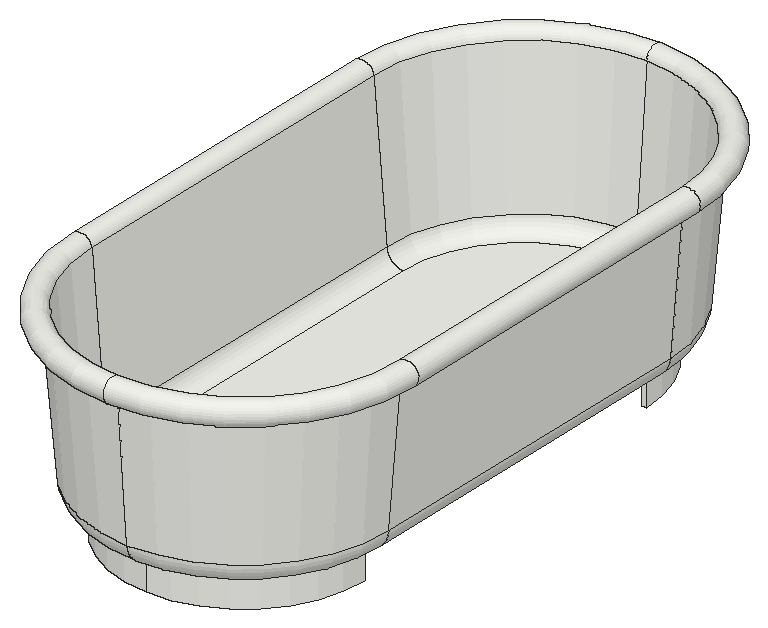
Revit family
Parameters (values of type "760 x 1525mm")
  Height = 460.00 mm
  Length = 1525.00 mm
  Tub Material = Porcelain - Ivory
  Width = 760.00 mm
Reference planes
  plane 1 "Center (Front/Back)": y = 0
  plane 2: z = 0
  plane 3 "Center (Left/Right)": x = 0
  plane 4: x = 380
  plane 5: x = -380
  plane 6: y = 762.5
  plane 7: y = -762.5
  plane 8: z = 434.6
  plane 9: z = 66.3
  plane 10: z = 460
Forms (mm)
  Sweep 1, solid, material "Porcelain - Ivory"
    path origin (0, 0, 434.6) x (1, 0, 0) y (0, 1, 0)
      loop
        arc (329.2, 382.5) -> (232.78, 615.28) -> (0, 711.7) r 329.2
        arc (0, 711.7) -> (-232.78, 615.28) -> (-329.2, 382.5) r 329.2
        line (-329.2, 382.5) -> (-329.2, -382.5)
        arc (-329.2, -382.5) -> (-232.78, -615.28) -> (0, -711.7) r 329.2
        arc (0, -711.7) -> (232.78, -615.28) -> (329.2, -382.5) r 329.2
        line (329.2, -382.5) -> (329.2, 382.5)
    profile origin (0, 0, 434.6) x (1, 0, 0) y (0, 0, 1)
      loop
        line (329.456, 3.598) -> (301.237, -318.943)
        arc (301.237, -318.943) -> (289.022, -343.713) -> (263.282, -353.723) r 38.1
        line (263.282, -353.723) -> (263.282, -368.646)
        arc (263.282, -368.646) -> (299.105, -354.716) -> (316.105, -320.244) r 53.024
        line (316.105, -320.244) -> (341.9, -25.4) -> (354.6, -25.4)
        arc (354.6, -25.4) -> (373.791, 16.64) -> (329.456, 3.598) r 25.4
  Extrusion 2, solid, material "Porcelain - Ivory"
    sketch origin (0, 0, 66.3) x (0, -1, 0) y (1, 0, 0)
      loop
        line (-382.5, -263.282) -> (382.5, -263.282)
        arc (382.5, -263.282) -> (568.669, -186.169) -> (645.782, 0) r 263.282
        arc (645.782, 0) -> (568.669, 186.169) -> (382.5, 263.282) r 263.282
        line (382.5, 263.282) -> (-382.5, 263.282)
        arc (-382.5, 263.282) -> (-568.669, 186.169) -> (-645.782, 0) r 263.282
        arc (-645.782, 0) -> (-568.669, -186.169) -> (-382.5, -263.282) r 263.282
    from 0 to 15.081
  Extrusion 3, solid, material "Porcelain - Ivory"
    sketch origin (0, 0, 0) x (1, 0, 0) y (0, 1, 0)
      loop
        arc (-263.282, -382.5) -> (-186.169, -568.669) -> (0, -645.782) r 263.282
        arc (0, -645.782) -> (186.169, -568.669) -> (263.282, -382.5) r 263.282
        line (263.282, -382.5) -> (253, -382.5)
        arc (253, -382.5) -> (178.898, -561.398) -> (0, -635.5) r 253
        arc (0, -635.5) -> (-178.898, -561.398) -> (-253, -382.5) r 253
        line (-253, -382.5) -> (-263.282, -382.5)
    from 0 to 66.3
  Extrusion 4, solid, material "Porcelain - Ivory"
    sketch origin (0, 0, 0) x (1, 0, 0) y (0, 1, 0)
      loop
        arc (-253, 382.5) -> (-178.898, 561.398) -> (0, 635.5) r 253
        arc (0, 635.5) -> (178.898, 561.398) -> (253, 382.5) r 253
        line (253, 382.5) -> (263.282, 382.5)
        arc (263.282, 382.5) -> (186.169, 568.669) -> (0, 645.782) r 263.282
        arc (0, 645.782) -> (-186.169, 568.669) -> (-263.282, 382.5) r 263.282
        line (-263.282, 382.5) -> (-253, 382.5)
    from 0 to 66.3
Cuts and joins
  joined: Sweep 1, Extrusion 2, Extrusion 4
Lines and regions (mm)
  Masking region 1
    outline origin (0, 0, 0) x (1, 0, 0) y (0, 1, 0)
      loop
        arc (-25.4, 762.5) -> (-276.14, 658.64) -> (-380, 407.9) r 354.6
        line (-380, 407.9) -> (-380, -407.9)
        arc (-380, -407.9) -> (-276.14, -658.64) -> (-25.4, -762.5) r 354.6
        line (-25.4, -762.5) -> (25.4, -762.5)
        arc (25.4, -762.5) -> (276.14, -658.64) -> (380, -407.9) r 354.6
        line (380, -407.9) -> (380, 407.9)
        arc (380, 407.9) -> (276.14, 658.64) -> (25.4, 762.5) r 354.6
        line (25.4, 762.5) -> (-25.4, 762.5)
  symbolic lines
    curve 1: line (-25.4, 762.5, 0) -> (25.4, 762.5, 0)
    curve 2: line (-380, -407.9, 0) -> (-380, 407.9, 0)
    curve 3: line (25.4, -762.5, 0) -> (-25.4, -762.5, 0)
    curve 4: line (380, 407.9, 0) -> (380, -407.9, 0)
    curve 5: arc (-25.4, 762.5, 0) -> (-276.14, 658.64, 0) -> (-380, 407.9, 0) r 354.6
    curve 6: arc (25.4, 762.5, 0) -> (276.14, 658.64, 0) -> (380, 407.9, 0) r 354.6
    curve 7: arc (-25.4, -762.5, 0) -> (-276.14, -658.64, 0) -> (-380, -407.9, 0) r 354.6
    curve 8: arc (380, -407.9, 0) -> (276.14, -658.64, 0) -> (25.4, -762.5, 0) r 354.6
    curve 9: line (-329.2, -382.5, 0) -> (-329.2, 382.5, 0)
    curve 10: line (329.2, 382.5, 0) -> (329.2, -382.5, 0)
    curve 11: arc (-329.2, 382.5, 0) -> (0, 711.7, 0) -> (329.2, 382.5, 0) r 329.2
    curve 12: arc (-329.2, -382.5, 0) -> (0, -711.7, 0) -> (329.2, -382.5, 0) r 329.2
    curve 13: arc (25.4, 407.9, 0) -> (0, 433.3, 0) -> (-25.4, 407.9, 0) r 25.4
    curve 14: arc (-25.4, 407.9, 0) -> (0, 382.5, 0) -> (25.4, 407.9, 0) r 25.4
Dimensions and locks
  equal spacing: plane 5, plane 3 "Center (Left/Right)", plane 4
  equal spacing: plane 7, plane 1 "Center (Front/Back)", plane 6
  "Width": plane 5 to plane 4
  "Length": plane 7 to plane 6
  locked: plane 9 to plane 8 at 368.3
  locked: plane 8 to plane 10 at 25.4
  "Height": plane 2 to plane 10
  locked: Sweep 1 sketch curve to plane 6 at 50.8
  locked: plane 7 to Sweep 1 sketch curve at 50.8
  locked: plane 7 to Extrusion 2 sketch curve at 116.718
  locked: plane 7 to Extrusion 3 sketch curve at 116.718
  locked: Extrusion 4 sketch curve to plane 6 at 116.718
  locked: Extrusion 4 sketch curve to plane 4 at 116.718
  aligned and locked: Extrusion 3 to plane 9
  aligned and locked: Extrusion 4 to plane 9
  aligned and locked: Masking region 1 sketch curve to curve 2
  aligned and locked: Masking region 1 sketch curve to curve 7
  aligned and locked: Masking region 1 sketch curve to curve 4
  aligned and locked: Masking region 1 sketch curve to curve 6
Automatic sketch dimensions
  curve 7 to plane 5 = 0.00 mm
  curve 5 to plane 6 = 0.00 mm
  curve 3 to plane 7 = 0.00 mm
  curve 13 to plane 3 "Center (Left/Right)" = 0.00 mm
  curve 11 to plane 3 "Center (Left/Right)" = 0.00 mm
  curve 4 to plane 4 = 0.00 mm
  curve 11 to plane 5 = 50.80 mm
  curve 14 to plane 3 "Center (Left/Right)" = 25.40 mm
  curve 5 to plane 3 "Center (Left/Right)" = 25.40 mm
  curve 7 to plane 3 "Center (Left/Right)" = 25.40 mm
  plane 3 "Center (Left/Right)" to curve 3 = 25.40 mm
  curve 6 to curve 13 = 0.00 mm
  curve 4 to curve 10 = 25.40 mm
  curve 9 to curve 2 = 25.40 mm
  curve 13 to curve 6 = 0.00 mm
  Sweep 1 sketch curve to plane 8 = 0.00 mm
  profile plane to Sweep 1 sketch curve = 65.918 mm
  profile plane to Sweep 1 sketch curve = 27.963 mm
  profile plane to Sweep 1 sketch curve = 13.095 mm
  Sweep 1 sketch curve to profile plane = 0.256 mm
  Sweep 1 sketch curve to profile plane = 12.70 mm
  Sweep 1 sketch curve to Sweep 1 sketch curve = 12.70 mm
  Sweep 1 sketch curve to Sweep 1 sketch curve = 25.40 mm
  Sweep 1 sketch curve to Sweep 1 sketch curve = 290.223 mm
  Sweep 1 sketch curve to Sweep 1 sketch curve = 0.00 mm
  Sweep 1 sketch curve to Sweep 1 sketch curve = 3.321 mm
  Sweep 1 sketch curve to Sweep 1 sketch curve = 1.301 mm
  Sweep 1 sketch curve to plane 3 "Center (Left/Right)" = 0.00 mm  (x2)
  Sweep 1 sketch curve to plane 5 = 50.80 mm
  plane 4 to Sweep 1 sketch curve = 50.80 mm
  Extrusion 2 sketch curve to plane 3 "Center (Left/Right)" = 0.00 mm  (x2)
  plane 6 to Extrusion 2 sketch curve = 116.718 mm
  plane 4 to Extrusion 2 sketch curve = 116.718 mm
  Extrusion 2 sketch curve to Extrusion 2 sketch curve = 0.00 mm
  Extrusion 3 sketch curve to plane 3 "Center (Left/Right)" = 0.00 mm  (x2)
  Extrusion 3 sketch curve to plane 5 = 127.00 mm
  Extrusion 3 sketch curve to Extrusion 3 sketch curve = 10.282 mm
  plane 4 to Extrusion 3 sketch curve = 127.00 mm
  Extrusion 4 sketch curve to plane 3 "Center (Left/Right)" = 0.00 mm  (x2)
  Extrusion 4 sketch curve to plane 5 = 127.00 mm
  Extrusion 4 sketch curve to Extrusion 4 sketch curve = 10.282 mm
  Masking region 1 sketch curve to plane 3 "Center (Left/Right)" = 25.40 mm
  plane 3 "Center (Left/Right)" to Masking region 1 sketch curve = 25.40 mm
